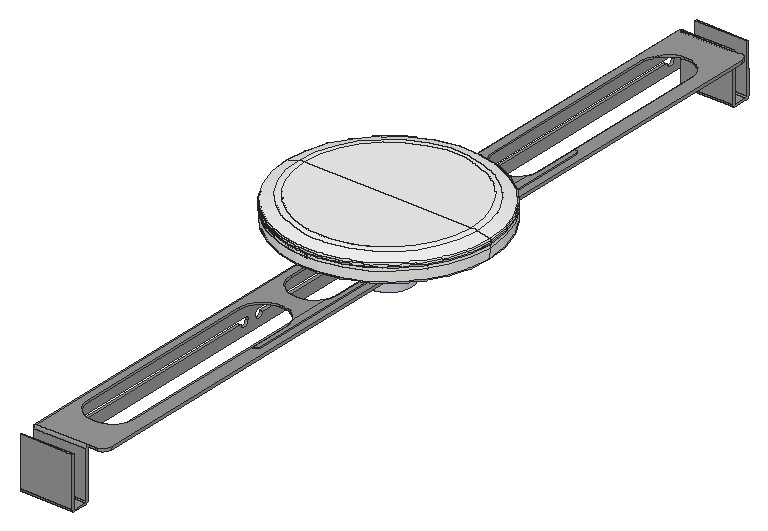
Revit family "PARLÉ TCM-X - Ceiling Microphone_rev2", category Communication Devices, host Face, Revit 2019
Family settings
  Host = Face
  Maintain Annotation Orientation = No
  Round Connector Dimension = Use Diameter
  Part Type = Normal
  Cut with Voids When Loaded = No
  Shared = Yes
  Room Calculation Point = Yes
Parameters (values of type "PARLÉ™ TCM-XEX - White")
  Tile Bridge [instance] = yes
  Room Acoustics Examples URL = "https://support.biamp.com/Tesira/Parle_microphones/Parle_ceiling_microphone_calculator/Sample_recordings"  # constant formula
  Poor Acoustics Coverage Area [instance] = no
  Part Number = ""
  Model = "Parlé TCM-XEX Assembly"
  Mic Finish = PARLÉ TCM-X - Ceiling Microphone Base : PARLÉ™ TCM-XEX - White
  Manufacturer URL = "https://www.biamp.com/"
  Manufacturer = "Biamp Systems"
  Great Acoustics Coverage Area [instance] = no
  Good Acoustics Coverage Area [instance] = yes
  Fair Acoustics Coverage Area [instance] = no
  Excellent Acoustics Coverage Area [instance] = no
  Drywall Kit Finish = TCM-X-DK-Drywall Mounting Kit : TCM-X-DK - White
  Drywall Kit [instance] = no
  Drywall Offset [instance] = if(Drywall Kit, 0' 0 1/8", 0' 0")  # 0' - 0"
  Description = "Parle Beamsteering Microphone Assembly - Expansion Mic. Must be used with TCM-X mic system. Cost for expamsion mic only. (refer to component families for data)"
  Default Elevation = 4' - 0"
  Poor [instance] = if(not((CeilingHeight - 4' 0") < 6' 0"), 0' 0 3/32", (sqrt((6' 0" ^ 2 - (CeilingHeight - 4' 0") ^ 2))))  # 3' - 3.7995"
  Great [instance] = if(not((CeilingHeight - 4' 0") > 12' 6"), 0' 0 3/64", (sqrt((12' 6" ^ 2 - (CeilingHeight - 4' 0") ^ 2))))  # 0' - 0 3/64"
  Good [instance] = if(not((CeilingHeight - 4' 0") < 10' 0"), 0' 0 1/16", (sqrt((10' 0" ^ 2 - (CeilingHeight - 4' 0") ^ 2))))  # 8' - 7.92305"
  Fair [instance] = if(not((CeilingHeight - 4' 0") < 7' 6"), 0' 0 5/64", (sqrt((7' 6" ^ 2 - (CeilingHeight - 4' 0") ^ 2))))  # 5' - 7 21/256"
  Excellent [instance] = if(not((CeilingHeight - 4' 0") < 16' 3 77/128"), 0' 0 1/32", sqrt((16' 3 77/128" ^ 2 - (CeilingHeight - 4' 0") ^ 2)))  # 15' - 6 11/64"
  CeilingHeight [instance] = 9' - 0"
Types (4): name | Model | Mic Finish | Drywall Kit Finish | Description
  PARLÉ™ TCM-X - Black | "Parlé TCM-X Assembly" | PARLÉ TCM-X - Ceiling Microphone Base : PARLÉ™ TCM-X - Black | TCM-X-DK-Drywall Mounting Kit : TCM-X-DK - Black | "Parle Beamsteering Microphone Assembly (refer to component families for data and cost)"
  PARLÉ™ TCM-X - White | "Parlé TCM-X Assembly" | PARLÉ TCM-X - Ceiling Microphone Base : PARLÉ™ TCM-X - White | TCM-X-DK-Drywall Mounting Kit : TCM-X-DK - White | "Parle Beamsteering Microphone Assembly (refer to component families for data and cost)"
  PARLÉ™ TCM-XEX - White | "Parlé TCM-XEX Assembly" | PARLÉ TCM-X - Ceiling Microphone Base : PARLÉ™ TCM-XEX - White | TCM-X-DK-Drywall Mounting Kit : TCM-X-DK - White | "Parle Beamsteering Microphone Assembly - Expansion Mic. Must be used with TCM-X mic system. Cost for expamsion mic only. (refer to component families for data)"
  PARLÉ™ TCM-XEX - Black | "Parlé TCM-XEX Assembly" | PARLÉ TCM-X - Ceiling Microphone Base : PARLÉ™ TCM-XEX - Black | TCM-X-DK-Drywall Mounting Kit : TCM-X-DK - Black | "Parle Beamsteering Microphone Assembly - Expansion Mic. Must be used with TCM-X mic system. Cost for expamsion mic only. (refer to component families for data)"
Reference planes (in)
  plane 1 "Center (Front/Back)": y = 0
  plane 2: z = 0
  plane 3 "Center (Left/Right)": x = 0
Lines and regions (in)
  reference lines
    curve 1: line (0, 50.96055, -0.5) -> (0, -54.03945, -0.5)
    curve 2: line (0, 12.16114, 0) -> (0, -12.08886, 0)
  symbolic lines, visible <- "Excellent Acoustics Coverage Area"
    curve 3: circle (-0.034, 0, 0) r 186.17189 normal (0, 0, 1)
  symbolic lines, visible <- "Great Acoustics Coverage Area"
    curve 4: circle (-0.034, 0, 0) r 0.04688 normal (0, 0, 1)
  symbolic lines, visible <- "Good Acoustics Coverage Area"
    curve 5: circle (-0.034, 0, 0) r 103.92305 normal (0, 0, 1)
  symbolic lines, visible <- "Fair Acoustics Coverage Area"
    curve 6: circle (-0.034, 0, 0) r 67.08204 normal (0, 0, 1)
  symbolic lines, visible <- "Poor Acoustics Coverage Area"
    curve 7: circle (-0.034, 0, 0) r 39.7995 normal (0, 0, 1)
Dimensions and locks (in)
  curve 1 to level = 0' - 0 1/2"
  locked: curve 1 to level at 0.5
  "Drywall Offset": level to curve 2
  "Excellent": radius of curve 3
  "Great": radius of curve 4
  "Good": radius of curve 5
  "Fair": radius of curve 6
  "Poor": radius of curve 7
  aligned and locked: plane 2 to host face
  aligned and locked: level to host face
  aligned and locked: curve 2 to nested 2
  aligned and locked: plane 1 "Center (Front/Back)" to nested 2
Automatic sketch dimensions
  host sketch curve to host sketch curve = 0' - 7.95086"
  host sketch curve to host sketch curve = 0' - 7.47914"
  curve 3 to curve 4 = 0' - 0"  (x2)
  curve 3 to curve 5 = 0' - 0"  (x2)
  curve 3 to curve 6 = 0' - 0"  (x2)
  curve 3 to curve 7 = 0' - 0"  (x2)
  plane 1 "Center (Front/Back)" to curve 4 = 0' - 0"
  curve 4 to plane 3 "Center (Left/Right)" = 0' - 0.034"
  plane 1 "Center (Front/Back)" to curve 1 = 4' - 6.03945"
  plane 1 "Center (Front/Back)" to curve 2 = 1' - 0.08886"
  curve 2 to plane 1 "Center (Front/Back)" = 1' - 0.16114"
  curve 2 to curve 1 = 3' - 2.79942"
Nested families (in)
  nested 1: "PARLÉ Tile Bridge_rev0" at (0.625, 0, -0.5) x (0, -1, 0) z (0, 0, -1), visible <- "Tile Bridge", type "TB-1"
  nested 2: "PARLÉ TCM-X - Ceiling Microphone Base" at (0, 0, 0) x (0, -1, 0) z (0, 0, 1), type <- "Mic Finish", type "PARLÉ™ TCM-XEX - White"
    with Tile Bridge no, Drywal Mounting Kit no
  nested 3: "TCM-X-DK-Drywall Mounting Kit" at (0, 0, 0), visible <- "Drywall Kit", type <- "Drywall Kit Finish", type "TCM-X-DK - White"
Definition of nested family "PARLÉ Tile Bridge_rev0"
  Parameters (values of type "TB-1")
    Width = 0' - 2.04724"
    Product Page URL = ""
    Product Documentation Link = ""
    Part Number = "TB-1"
    Model = "TB-1"
    Manufacturer URL = "https://www.biamp.com/"
    Manufacturer = "Biamp Systems"
    Height = 0' - 1.49606"
    Description = "Parle Tile Bridge"
    Depth = 0' - 0 77/128"
    Default Elevation = 4' - 0"
  Reference planes (in)
    plane 1 "Center (Front/Back)": y = 0
    plane 2: z = 0
    plane 3 "Center (Left/Right)": x = 0
    plane 4: x = -12
    plane 5: x = 12
  Forms (in)
    Extrusion 1, solid
      sketch origin (0, 0, 0) x (1, 0, 0) y (0, 1, 0)
        loop
          line (-48, 48) -> (-48, -48) -> (48, -48) -> (48, 48) -> (-48, 48)
      from 0 to -12
    Extrusion 2, solid
      sketch origin (0, 0, 0) x (1, 0, 0) y (0, 0, 1)
        loop
          arc (11.595, 0) -> (11.65103, 0.02318) -> (11.6743, 0.07917) r 0.0793
          line (11.6743, 0.07917) -> (11.6743, 1.4169)
          arc (11.6743, 1.4169) -> (11.68352, 1.43917) -> (11.7058, 1.4484) r 0.0315
          line (11.7058, 1.4484) -> (12.09843, 1.4484)
          arc (12.09843, 1.4484) -> (12.12071, 1.43917) -> (12.12993, 1.4169) r 0.0315
          line (12.12993, 1.4169) -> (12.12993, 0) -> (12.17773, 0) -> (12.17773, 1.4168)
          arc (12.17773, 1.4168) -> (12.15457, 1.47291) -> (12.09852, 1.4962) r 0.0793
          line (12.09852, 1.4962) -> (11.70588, 1.4962)
          arc (11.70588, 1.4962) -> (11.64976, 1.47301) -> (11.6265, 1.4169) r 0.0793
          line (11.6265, 1.4169) -> (11.6265, 0.0793)
          arc (11.6265, 0.0793) -> (11.61727, 0.05703) -> (11.595, 0.0478) r 0.0315
          line (11.595, 0.0478) -> (-11.595, 0.0478)
          arc (-11.595, 0.0478) -> (-11.61727, 0.05703) -> (-11.6265, 0.0793) r 0.0315
          line (-11.6265, 0.0793) -> (-11.6265, 1.4169)
          arc (-11.6265, 1.4169) -> (-11.64969, 1.47294) -> (-11.70571, 1.4962) r 0.0793
          line (-11.70571, 1.4962) -> (-12.09852, 1.4962)
          arc (-12.09852, 1.4962) -> (-12.15457, 1.47291) -> (-12.17773, 1.4168) r 0.0793
          line (-12.17773, 1.4168) -> (-12.17773, 0) -> (-12.12993, 0) -> (-12.12993, 1.4169)
          arc (-12.12993, 1.4169) -> (-12.12071, 1.43917) -> (-12.09843, 1.4484) r 0.0315
          line (-12.09843, 1.4484) -> (-11.7058, 1.4484)
          arc (-11.7058, 1.4484) -> (-11.68352, 1.43917) -> (-11.6743, 1.4169) r 0.0315
          line (-11.6743, 1.4169) -> (-11.6743, 0.07917)
          arc (-11.6743, 0.07917) -> (-11.65103, 0.02318) -> (-11.595, 0) r 0.0793
          line (-11.595, 0) -> (11.595, 0)
      from -1.4962 to 0
    Extrusion 3, solid
      sketch origin (0, 0, 0) x (1, 0, 0) y (0, 1, 0)
        loop
          arc (-5.79697, -0.11148) -> (-5.76026, -0.1997) -> (-5.67197, -0.23622) r 0.125
          line (-5.67197, -0.23622) -> (5.67197, -0.23622)
          arc (5.67197, -0.23622) -> (5.76026, -0.1997) -> (5.79697, -0.11148) r 0.125
          line (5.79697, -0.11148) -> (5.79697, 0) -> (-5.79697, 0) -> (-5.79697, -0.11148)
      from 0 to 0.0478
    Extrusion 4, solid
      sketch origin (0, 0, 0) x (1, 0, 0) y (0, 0, 1)
        loop
          line (-11.595, 0.98434) -> (-11.595, 0.0478) -> (11.595, 0.0478) -> (11.595, 0.98434) -> (-11.595, 0.98434)
        loop
          arc (11.39278, 0.65557) -> (11.25891, 0.79332) -> (11.11739, 0.66345) r 0.13781
          line (11.11739, 0.66345) -> (4.23835, 0.66345)
          arc (4.23835, 0.66345) -> (4.09683, 0.79332) -> (3.96296, 0.65557) r 0.13781
          line (3.96296, 0.65557) -> (3.96296, 0.59061)
          arc (3.96296, 0.59061) -> (3.9843, 0.5391) -> (4.0358, 0.51776) r 0.07284
          line (4.0358, 0.51776) -> (11.31994, 0.51776)
          arc (11.31994, 0.51776) -> (11.37144, 0.5391) -> (11.39278, 0.59061) r 0.07284
          line (11.39278, 0.59061) -> (11.39278, 0.65557)
        loop
          arc (3.71491, 0.65557) -> (3.58104, 0.79332) -> (3.43952, 0.66345) r 0.13781
          line (3.43952, 0.66345) -> (-3.43952, 0.66345)
          arc (-3.43952, 0.66345) -> (-3.58104, 0.79332) -> (-3.71491, 0.65557) r 0.13781
          line (-3.71491, 0.65557) -> (-3.71491, 0.59061)
          arc (-3.71491, 0.59061) -> (-3.69357, 0.5391) -> (-3.64207, 0.51776) r 0.07284
          line (-3.64207, 0.51776) -> (3.64207, 0.51776)
          arc (3.64207, 0.51776) -> (3.69357, 0.5391) -> (3.71491, 0.59061) r 0.07284
          line (3.71491, 0.59061) -> (3.71491, 0.65557)
        loop
          arc (-3.96296, 0.65557) -> (-4.09683, 0.79332) -> (-4.23835, 0.66345) r 0.13781
          line (-4.23835, 0.66345) -> (-11.11739, 0.66345)
          arc (-11.11739, 0.66345) -> (-11.25891, 0.79332) -> (-11.39278, 0.65557) r 0.13781
          line (-11.39278, 0.65557) -> (-11.39278, 0.59061)
          arc (-11.39278, 0.59061) -> (-11.37144, 0.5391) -> (-11.31994, 0.51776) r 0.07284
          line (-11.31994, 0.51776) -> (-4.0358, 0.51776)
          arc (-4.0358, 0.51776) -> (-3.9843, 0.5391) -> (-3.96296, 0.59061) r 0.07284
          line (-3.96296, 0.59061) -> (-3.96296, 0.65557)
      from -1.4962 to -1.5755
    Extrusion 5, solid
      sketch origin (0, 0, 0) x (1, 0, 0) y (0, 1, 0)
        loop
          arc (-11.595, -0.22298) -> (-11.52159, -0.39944) -> (-11.34498, -0.47248) r 0.25002
          line (-11.34498, -0.47248) -> (11.34498, -0.47248)
          arc (11.34498, -0.47248) -> (11.52159, -0.39944) -> (11.595, -0.22298) r 0.25002
          line (11.595, -0.22298) -> (11.595, 0) -> (-11.595, 0) -> (-11.595, -0.22298)
      from 0 to 0.0625
    Extrusion 6, void
      sketch origin (0, 0, 0) x (1, 0, 0) y (0, 1, 0)
        loop
          arc (-9.99224, 1.27817) -> (-10.68011, 0.59069) -> (-9.99242, -0.09696) r 0.68756
          line (-9.99242, -0.09696) -> (-4.57558, -0.09696)
          arc (-4.57558, -0.09696) -> (-3.88815, 0.59082) -> (-4.57602, 1.27817) r 0.68756
          line (-4.57602, 1.27817) -> (-9.99224, 1.27817)
        loop
          line (-2.70828, -0.09696) -> (2.70855, -0.09696)
          arc (2.70855, -0.09696) -> (3.39598, 0.59052) -> (2.70872, 1.27817) r 0.68756
          line (2.70872, 1.27817) -> (-2.70811, 1.27817)
          arc (-2.70811, 1.27817) -> (-3.39598, 0.59069) -> (-2.70828, -0.09696) r 0.68756
        loop
          arc (4.57602, 1.27817) -> (3.88815, 0.59069) -> (4.57585, -0.09696) r 0.68756
          line (4.57585, -0.09696) -> (9.99268, -0.09696)
          arc (9.99268, -0.09696) -> (10.68011, 0.59082) -> (9.99224, 1.27817) r 0.68756
          line (9.99224, 1.27817) -> (4.57602, 1.27817)
      from -0.20054 to 0.0478
  Cuts and joins
    Extrusion 6 cuts Extrusion 3
    Extrusion 6 cuts Extrusion 4
    joined: Extrusion 3, Extrusion 4
    Extrusion 6 cuts Extrusion 2
    Extrusion 6 cuts Extrusion 5
    joined: Extrusion 2, Extrusion 5
  Dimensions and locks (in)
    plane 5 to plane 3 "Center (Left/Right)" to plane 4 = 1' - 0", 1' - 0"
    aligned and locked: plane 2 to Extrusion 1
    aligned and locked: level to Extrusion 1
Definition of nested family "PARLÉ TCM-X - Ceiling Microphone Base"
  Parameters (values of type "PARLÉ™ TCM-XEX - White")
    Width = 0' - 5 115/128"
    Weight Product = 0.7
    Trim = none
    Tile Bridge [instance] = no
    SNR (at 1kHz, 94dBSPL A-Weighted) = "> 76dB"
    Product Page URL = "https://www.biamp.com/products/product-families/parle/parle-microphones#parle-tcm-x"
    Product Documentation Link = "https://downloads.biamp.com/assets/docs/default-source/data-sheets/biamp_data_sheet_parle_tcm-x_feb21.pdf?sfvrsn=4456daa4_24&_ga=2.68014161.1990077202.1620849750-121540068.1620849750"
    Power = "Custom/Proprietary"
    Polar Pattern = "Active Beamformed"
    Part Number = ""
    Model = "Parlé TCM-XEX Ceiling Microphone - White"
    Microphone Technology = "16-Element Digital Array"
    Mic Grille Finish = none
    Maximum SPL (less than 1% THD) = "109dB"
    Max Distance Between Devices = "33 feet (10 meters) between TCM-XEX and DSP host device"
    Manufacturer URL = "https://www.biamp.com/"
    Manufacturer = "Biamp Systems"
    Height = 0' - 5 115/128"
    Drywal Mounting Kit [instance] = no
    Frequency Response = "150 Hz - 16 kHz: ± 3dB"
    Dynamic Range = "92dB, A-Weighted"
    Description = "AVB low-profle ceiling extension microphone (Extension mic only. Must be used with TCM-X mic system)"
    Depth = 0' - 0 77/128"
    Default Elevation = 4' - 0"
    Connector = "RJ-45 (cable length, 6.6 feet [2 meters])"
    Case Finish = none
  Types (4): name | Model | Description
    PARLÉ™ TCM-X - White | "Parlé TCM-X Ceiling Microphone - White" | "AVB low-profle ceiling microphone (Mic only. Requires TCM-X Network Box. See TCM-X Network Box for additional data and cost)"
    PARLÉ™ TCM-X - Black | "Parlé TCM-X Ceiling Microphone - Black" | "AVB low-profle ceiling microphone (Mic only. Requires TCM-X Network Box. See TCM-X Network Box for additional data and cost)"
    PARLÉ™ TCM-XEX - White | "Parlé TCM-XEX Ceiling Microphone - White" | "AVB low-profle ceiling extension microphone (Extension mic only. Must be used with TCM-X mic system)"
    PARLÉ™ TCM-XEX - Black | "Parlé TCM-XEX Ceiling Microphone Black" | "AVB low-profle ceiling extension microphone (Extension mic only. Must be used with TCM-X mic system)"
  Reference planes (in)
    plane 1 "Center (Front/Back)": y = 0
    plane 2: z = 0
    plane 3 "Center (Left/Right)": x = 0
  Forms (in)
    Extrusion 1, solid
      sketch origin (0, 0, 0) x (1, 0, 0) y (0, 1, 0)
        loop
          line (-4, 3.75) -> (-4, -3.72914) -> (3.95086, -3.72914) -> (3.95086, 3.75) -> (-4, 3.75)
      from 0 to -0.5
    Revolve 2, solid, material <- "Case Finish"
      sketch origin (0, 0, 0) x (0, 1, 0) y (0, 0, 1)
        loop
          line (2.93507, 0.31495) -> (0, 0.31495) -> (0, 0) -> (2.89638, 0)
          arc (2.89638, 0) -> (2.91819, 0.00887) -> (2.92762, 0.03043) r 0.03125
          line (2.92762, 0.03043) -> (2.93507, 0.31495)
        axis (0, 0) -> (0, 0.31495)
      angle from 0 to 360
    Revolve 3, solid, material <- "Trim"
      sketch origin (0, 0, 0) x (0, 1, 0) y (0, 0, 1)
        loop
          line (2.93713, 0.39369) -> (0, 0.39369) -> (0, 0.31495) -> (2.93507, 0.31495) -> (2.93713, 0.39369)
        axis (0, 0.31495) -> (0, 0.39369)
      angle from 0 to 360
    Revolve 4, solid, material <- "Mic Grille Finish"
      sketch origin (0, 0, 0) x (0, 1, 0) y (0, 0, 1)
        loop
          arc (2.93713, 0.48929) -> (2.93125, 0.50762) -> (2.91579, 0.5191) r 0.0315
          arc (2.91579, 0.5191) -> (2.74684, 0.57452) -> (2.57668, 0.6261) r 7.87402
          arc (2.57668, 0.6261) -> (2.49505, 0.64369) -> (2.41175, 0.6496) r 0.59055
          line (2.41175, 0.6496) -> (0, 0.6496) -> (0, 0.39369) -> (2.90588, 0.39369)
          arc (2.90588, 0.39369) -> (2.92798, 0.40284) -> (2.93713, 0.42494) r 0.03125
          line (2.93713, 0.42494) -> (2.93713, 0.48929)
        axis (0, 0.39369) -> (0, 0.6496)
      angle from 0 to 360
    Extrusion 5, solid
      sketch origin (0, 0, 0) x (1, 0, 0) y (0, 1, 0)
        loop
          circle (0, 0) r 0.6575
      from 0 to -1.5
  Lines and regions (in)
    reference lines
      curve 1: line (0, 50.96055, -0.5) -> (0, -54.03945, -0.5)
  Dimensions and locks (in)
    curve 1 to level = 0' - 0 1/2"
    locked: curve 1 to level at 0.5
    aligned and locked: plane 2 to Extrusion 1
    aligned and locked: level to Extrusion 1
    aligned and locked: Extrusion 1 to Extrusion 5
    aligned and locked: curve 1 to Extrusion 1
Definition of nested family "TCM-X-DK-Drywall Mounting Kit"
  Parameters (values of type "TCM-X-DK - White")
    Model = "TCM-X-DK"
    Manufacturer = "Biamp Systems"
    Description = "Drywall Mounting Kit for TCM-X microphones"
    Default Elevation = 4' - 0"
    Case Finish = none
  Types (2): name
    TCM-X-DK - White
    TCM-X-DK - Black
  Reference planes (in)
    plane 1 "Center (Front/Back)": y = 0
    plane 2: z = 0
    plane 3 "Center (Left/Right)": x = 0
    plane 4: y = 2
    plane 5: y = -2
    plane 6: x = -2
    plane 7: x = 2
    plane 8: z = 3
  Forms (in)
    Extrusion 1, solid
      sketch origin (0, 0, 0) x (1, 0, 0) y (0, 1, 0)
        loop
          line (-48, 48) -> (-48, -48) -> (48, -48) -> (48, 48) -> (-48, 48)
      from 0 to -0.88791
    Revolve 2, solid, material <- "Case Finish"
      sketch origin (0, 0, 0) x (0, 1, 0) y (0, 0, 1)
        loop
          line (0, 0.125) -> (0, 0) -> (3.149, 0)
          arc (3.149, 0) -> (3.13248, 0.0738) -> (3.07683, 0.125) r 0.12657
          line (3.07683, 0.125) -> (0, 0.125)
        axis (0, 0.125) -> (0, 0)
      angle from 0 to 360
  Dimensions and locks (in)
    equal spacing: plane 4, plane 1 "Center (Front/Back)", plane 5
    equal spacing: plane 6, plane 3 "Center (Left/Right)", plane 7
    locked: plane 6 to plane 7 at 4
    locked: plane 4 to plane 5 at 4
    plane 8 to plane 2 = 0' - 3"
    aligned and locked: plane 2 to Extrusion 1
    aligned and locked: level to Extrusion 1
  Automatic sketch dimensions
    Extrusion 1 sketch curve to Extrusion 1 sketch curve = 8' - 0"  (x2)
    Revolve 2 sketch curve to plane 1 "Center (Front/Back)" = 0' - 0"  (x2)
    Revolve 2 sketch curve to level = 0' - 0"
    plane 4 to Revolve 2 sketch curve = 0' - 1.07683"
    level to Revolve 2 sketch curve = 0' - 0.01051"
    Revolve 2 sketch curve to Revolve 2 sketch curve = 0' - 0.05397"
    level to Revolve 2 sketch curve = 0' - 0 1/8"
    Revolve 2 sketch curve to level = 0' - 0.18987"
    Revolve 2 sketch curve to Revolve 2 sketch curve = 0' - 0.43513"
